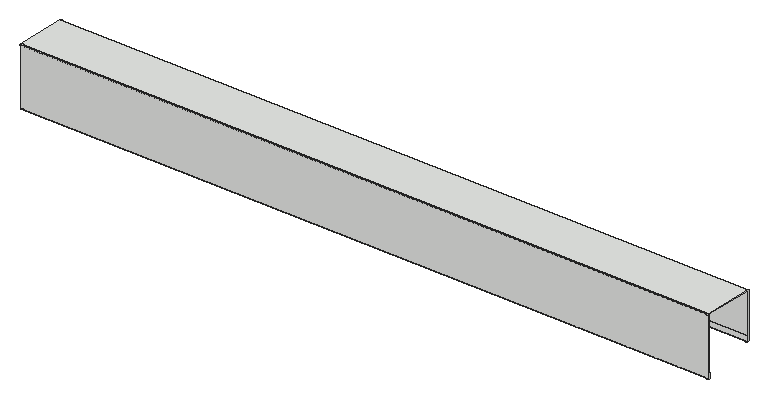
Revit family "profiles PR752 2015", category Generic Models, Revit 2015
Parameters (values of type "ISOLAMIN PR752 flashing")
  Profile Length [instance] = 1180 mm
Reference planes
  plane 1 "Center (Front/Back)": y = 0
  plane 2: z = 0
  plane 3 "Center (Left/Right)": x = 0
  plane 4: x = 1180
Forms (mm)
  Extrusion 1, solid, material "ISOLAMIN Surface Material"
    sketch origin (0, 68.006, -69.67) x (0, 1, 0) y (0, 0, 1)
      loop
        line (-69.167, 168.5) -> (-69.167, 98.8) -> (-70.167, 98.8) -> (-70.167, 90.244)
        arc (-70.167, 90.244) -> (-69.167, 89.5) -> (-68.167, 90.244) r 1.044
        line (-68.167, 90.244) -> (-68.167, 168.5)
        arc (-68.167, 168.5) -> (-68.46, 169.207) -> (-69.167, 169.5) r 1
        line (-69.167, 169.5) -> (-152.167, 169.5)
        arc (-152.167, 169.5) -> (-152.874, 169.207) -> (-153.167, 168.5) r 1
        line (-153.167, 168.5) -> (-153.167, 70.244)
        arc (-153.167, 70.244) -> (-152.167, 69.5) -> (-151.167, 70.244) r 1.044
        line (-151.167, 70.244) -> (-151.167, 78.8) -> (-152.167, 78.8) -> (-152.167, 168.5) -> (-69.167, 168.5)
    from 0 to 1180
Dimensions and locks
  "Profile Length": plane 3 "Center (Left/Right)" to plane 4
  aligned and locked: level to plane 2
  aligned and locked: plane 4 to Extrusion 1
Automatic sketch dimensions
  plane 1 "Center (Front/Back)" to Extrusion 1 sketch curve = 1.161 mm
  level to Extrusion 1 sketch curve = 98.83 mm
  Extrusion 1 sketch curve to Extrusion 1 sketch curve = 83 mm
  Extrusion 1 sketch curve to Extrusion 1 sketch curve = 69.7 mm
  level to Extrusion 1 sketch curve = 9.13 mm
  Extrusion 1 sketch curve to Extrusion 1 sketch curve = 1 mm  (x5)
  Extrusion 1 sketch curve to Extrusion 1 sketch curve = 0 mm  (x4)
  Extrusion 1 sketch curve to Extrusion 1 sketch curve = 8.556 mm  (x2)
  Extrusion 1 sketch curve to Extrusion 1 sketch curve = 0.3 mm  (x2)
